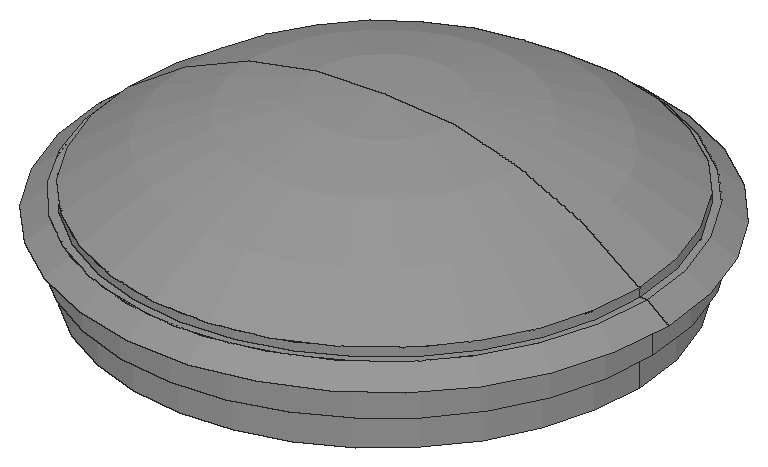
Revit family "3032872 Lighting Fixture_Sylvania_Giotto 335 LED_Recessed Mounted", category Lighting Fixtures, host Face, Revit 2017
Family settings
  Host = Face
  Round Connector Dimension = Use Diameter
  Part Type = Normal
  OmniClass Number = 23.80.70.11.17
  OmniClass Title = Specialized Lighting by Location or Use
  Cut with Voids When Loaded = No
  Light Source = Yes
  Shared = No
  Room Calculation Point = No
Parameters (values of type "Giotto335 rec ww DALI")
  Width = 355.0 mm
  Glow Wire Test = 850 °C  # constant formula
  Energy Class = "A++A+A"  # constant formula
  Cutout Diameter = Width - 20.0 mm  # 335.0 mm
  Weight = 1.44 kg
  Wattage = 17.4088 W
  built-in parameter 1150110 = 1 (stored number, unit not read)
  Voltage Comments = "UNV (Universal Voltage; 220-240 Volt)"  # constant formula
  Voltage = 230 V  # constant formula
  URL = "http://www.sylvania-lighting.com"
  built-in parameter 1114217 = 1 (stored number, unit not read)
  Tilt Angle = -90°
  built-in parameter 1150109 = 1 (stored number, unit not read)
  built-in parameter 1150134 = (empty or 0)
  built-in parameter 1150113 = 1 (stored number, unit not read)
  Product Page URL = "http://www.sylvania-lighting.com/product/en-int/products/3032872"
  Product Family = "GIOTTO LED 335 - RECESSED"  # constant formula
  Photometry Comments = ""
  Photometric Web File = "3032872_GiottoLED33525WRecessedWarmWhiteDALI-121456.ies"
  Life = "50 000 h"  # constant formula
  IP Rating = "IP44"  # constant formula
  IK Rating = "IK10"  # constant formula
  Emit from Circle Diameter = Cutout Diameter - 16.0 mm  # 319.0 mm
  Emit Shape Visible in Rendering = no
  Electrical Protection = "CLASS II"  # constant formula
  Drive Current = "700 mA"  # constant formula
  Diffuser Material = Polycarbonate_Sylvania_Giotto_Opal
  Height = 108.0 mm
  built-in parameter 1114216 [instance] = 1 (stored number, unit not read)
  Model = "Giotto335 rec ww DALI"
  Manufacturer = "Feilo Sylvania"
  built-in parameter 1150105 = 420.31 (stored number, unit not read)
  Lumens = 1384 lm
  built-in parameter 1150115 = 1 (stored number, unit not read)
  built-in parameter 1150137 = (empty or 0)
  built-in parameter 1150139 = (empty or 0)
  built-in parameter 1150112 = 1 (stored number, unit not read)
  built-in parameter 1150114 = 1 (stored number, unit not read)
  Lamp Comments = "Integrated LED"  # constant formula
  Lamp = "19 W"
  built-in parameter 1150132 = 2
  built-in parameter 1150102 = (empty or 0)
  built-in parameter 1150107 = 3000 (stored number, unit not read)
  built-in parameter 1150138 = (empty or 0)
  built-in parameter 1150106 = 4.2031 (stored number, unit not read)
  Body Material = Polycarbonate_Sylvania_Giotto_White
  built-in parameter 1150104 = 7.3858 (stored number, unit not read)
  Dimming Lamp Color Temperature Shift = <None>
  Description = "Surface or recessed mount versions available Ideal for general lighting in public areas Microwave presence detection versions 3 hour emergency light versions with integrated gear Up to 1200lm neutral white"  # constant formula
  Default Elevation = 0.0 mm
  Color Filter = 16777215
  Catalog Number = "3032872 Giotto335 rec ww DALI"
  built-in parameter 1140040 [instance] = 1
  built-in parameter 1114218 = 1 (stored number, unit not read)
  built-in parameter 1150133 = 10 (stored number, unit not read)
  Assembly Code = "D5020200"
  Apparent Load Comments = ""
  Apparent Load = 19 VA
Reference planes
  plane 1 "Center (Front/Back)": y = 0
  plane 2: z = 0
  plane 3 "Center (Left/Right)": x = 0
  plane 4 "Fixture Left": x = -167.5
  plane 5 "Fixture Right": x = 167.5
  plane 6 "Fixture Top": z = 67
  plane 7 "Difuser Left": x = -159.5
  plane 8 "Difuser Right": x = 159.5
  plane 9 "Brace Top": z = 0
  plane 10 "Brace Bottom": z = -20
  plane 11: z = -41
  plane 12: x = 177.5
  plane 13: x = -177.5
  plane 14: z = 10
Forms (mm)
  Revolve 1, solid, material "Polycarbonate_Sylvania_Giotto_White" <- "Body Material", detail levels fine
    sketch origin (0, 0, 0) x (1, 0, 0) y (0, 0, 1)
      loop
        line (0, -41) -> (0, 0) -> (-167.5, 0) -> (-167.5, -20) -> (-159.5, -20) -> (-159.5, -41) -> (0, -41)
      axis (0, 0) -> (0, -41)
    angle from 0 to 360
  Revolve 2, solid, material "Polycarbonate_Sylvania_Giotto_Opal" <- "Diffuser Material", detail levels fine
    sketch origin (0, 0, 0) x (1, 0, 0) y (0, 0, 1)
      loop
        line (-159.5, 15) -> (-159.5, 0) -> (0, 0) -> (0, 67)
        arc (0, 67) -> (-84.546, 55.712) -> (-159.5, 15) r 235.082
      axis (0, 67) -> (0, 0)
    angle from 0 to 360
  Revolve 3, solid, material "Polycarbonate_Sylvania_Giotto_White" <- "Body Material", detail levels coarse+medium
    sketch origin (0, 0, 0) x (1, 0, 0) y (0, 0, 1)
      loop
        line (-159.5, 15) -> (-159.5, 10) -> (-164.5, 10) -> (-177.5, 0) -> (-167.5, 0) -> (-167.5, -20) -> (-159.5, -20) -> (-159.5, -41) -> (0, -41) -> (0, 67)
        arc (0, 67) -> (-84.548, 55.717) -> (-159.5, 15) r 235.018
      axis (0, 67) -> (0, -41)
    angle from 0 to 360
  Extrusion 4, void
    sketch origin (0, 0, 59) x (-1, 0, 0) y (0, -1, 0)
      loop
        circle (0, 0) r 167.5
    from -100 to 8
  Revolve 5, solid, material "Polycarbonate_Sylvania_Giotto_White" <- "Body Material", detail levels fine
    sketch origin (0, 0, 0) x (1, 0, 0) y (0, 0, 1)
      loop
        line (-159.5, 10) -> (-164.5, 10) -> (-177.5, 0) -> (-159.5, 0) -> (-159.5, 10)
      axis (0, 10) -> (0, 0)
    angle from 0 to 360
Dimensions and locks
  equal spacing: plane 5 "Fixture Right", plane 3 "Center (Left/Right)", plane 4 "Fixture Left"
  "Cutout Diameter": plane 5 "Fixture Right" to plane 4 "Fixture Left"
  locked: plane 7 "Difuser Left" to plane 4 "Fixture Left" at 8
  locked: plane 5 "Fixture Right" to plane 8 "Difuser Right" at 8
  locked: Revolve 2 sketch curve to plane 9 "Brace Top" at 15
  equal spacing: plane 13, plane 3 "Center (Left/Right)", plane 12
  "Width": plane 12 to plane 13
  locked: plane 9 "Brace Top" to plane 11 at 41
  "Height": plane 6 "Fixture Top" to plane 11
  plane 6 "Fixture Top" to host face = 67.0 mm
  locked: plane 7 "Difuser Left" to Revolve 5 sketch curve at 5
  locked: plane 7 "Difuser Left" to Revolve 3 sketch curve at 5
  locked: Revolve 3 sketch curve to plane 14 at 5
  "Cutout Diameter": diameter of Extrusion 4 sketch curve
  aligned and locked: plane 2 to host face
  aligned and locked: level to host face
  aligned and locked: plane 1 "Center (Front/Back)" to imposter light
  aligned and locked: plane 4 "Fixture Left" to Revolve 1 sketch curve
  aligned and locked: plane 7 "Difuser Left" to Revolve 1 sketch curve
  aligned and locked: plane 10 "Brace Bottom" to Revolve 1 sketch curve
  aligned and locked: Revolve 1 sketch curve to plane 9 "Brace Top"
  aligned and locked: Revolve 1 sketch curve to plane 3 "Center (Left/Right)"  (x2)
  aligned and locked: Revolve 2 sketch curve to plane 7 "Difuser Left"
  aligned and locked: Revolve 2 sketch curve to plane 9 "Brace Top"
  aligned and locked: Revolve 2 sketch curve to plane 3 "Center (Left/Right)"  (x2)
  aligned and locked: plane 6 "Fixture Top" to Revolve 2 sketch curve
  aligned and locked: Revolve 3 sketch curve to plane 7 "Difuser Left"  (x2)
  aligned and locked: Revolve 3 sketch curve to plane 4 "Fixture Left"
  aligned and locked: Revolve 3 sketch curve to plane 10 "Brace Bottom"
  aligned and locked: Revolve 3 sketch curve to plane 3 "Center (Left/Right)"
  aligned and locked: plane 3 "Center (Left/Right)" to imposter light
  aligned and locked: imposter light to plane 6 "Fixture Top"
  aligned and locked: Revolve 3 sketch curve to plane 11
  aligned and locked: plane 11 to Revolve 1 sketch curve
  aligned and locked: imposter light to Extrusion 4
  aligned and locked: Extrusion 4 to Revolve 1
  aligned and locked: plane 7 "Difuser Left" to Revolve 5 sketch curve
  aligned and locked: Revolve 5 sketch curve to plane 9 "Brace Top"
  aligned and locked: Revolve 5 sketch curve to imposter light
  aligned and locked: Revolve 3 sketch curve to plane 2
  aligned and locked: level to plane 9 "Brace Top"
  aligned and locked: Revolve 5 sketch curve to plane 14
  aligned and locked: plane 13 to Revolve 5 sketch curve
  aligned and locked: Revolve 3 sketch curve to plane 14
Automatic sketch dimensions
  host sketch curve to host sketch curve = 1305.563 mm
  host sketch curve to host sketch curve = 1283.632 mm
  Revolve 1 sketch curve to level = 61.8 mm
  Revolve 1 sketch curve to plane 6 "Fixture Top" = 6.8 mm
  Revolve 5 sketch curve to plane 11 = 65.424 mm
  plane 6 "Fixture Top" to Revolve 5 sketch curve = 61.576 mm
  Revolve 2 sketch curve to plane 3 "Center (Left/Right)" = 11.68 mm
  plane 10 "Brace Bottom" to Revolve 2 sketch curve = 9.973 mm
  Revolve 2 sketch curve to Revolve 2 sketch curve = 84.973 mm
  plane 13 to Revolve 3 sketch curve = 0.0 mm
  Revolve 3 sketch curve to plane 3 "Center (Left/Right)" = 0.0 mm
  Revolve 3 sketch curve to plane 6 "Fixture Top" = 0.0 mm
  Revolve 3 sketch curve to plane 3 "Center (Left/Right)" = 11.701 mm
  Revolve 3 sketch curve to plane 11 = 45.065 mm
  Revolve 3 sketch curve to Revolve 3 sketch curve = 81.6 mm
  plane 1 "Center (Front/Back)" to Extrusion 4 sketch curve = 0.0 mm
  Extrusion 4 sketch curve to plane 3 "Center (Left/Right)" = 0.0 mm
Connectors
  electrical at (0, 0, -41), driven by "Voltage", driven by "Apparent Load"
    settings: on Revolve 1, index 1, voltage 230 V, apparent load 0 VA, apparent load phase1 19 VA, apparent load phase2 0 VA, apparent load phase3 0 VA, power factor 1, load classification "Lighting", number of poles 1, system type 31, power factor state 1, is connector primary yes, connector utility no, sub classification motor no, connector description ""
